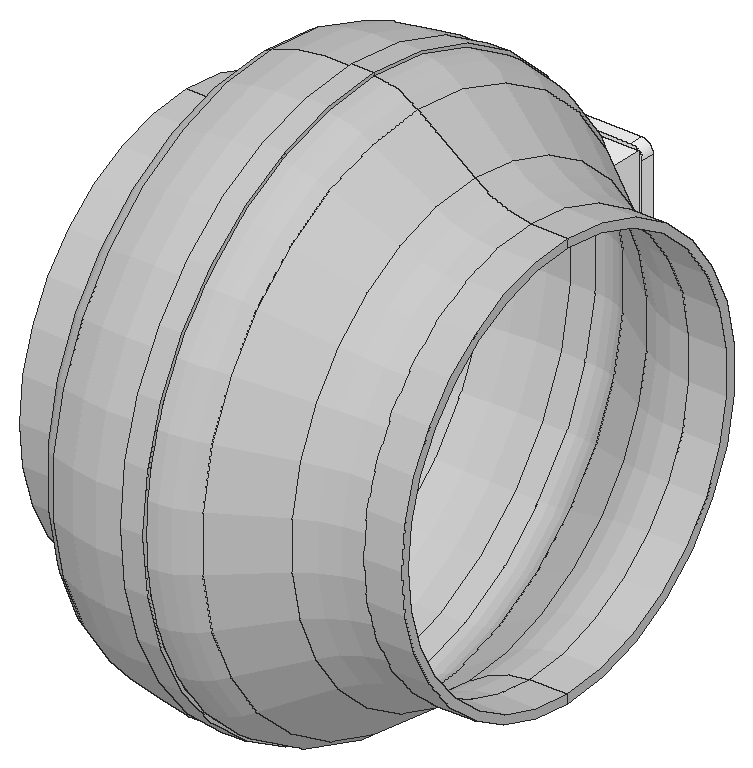
Revit family "CK 250 B ErP AC_7000066", category Mechanical Equipment, Revit 2014
Parameters (values of type "CK 250 B ErP AC")
  Wiring diagram = "4040001"
  Weight = 4.90 kg
  Voltage range = "220-240 / 50/60 V/Hz"
  Voltage = 230 V
  Speed = "2750 rpm"
  Sound pressure level at 3 m = "45 dB(A)"
  Power = 145 W
  Phase = 1
  Max. temperature of transported air when speed controlled = 60 °C
  Max. temperature of transported air = 60 °C
  Main Material = Steel, Galvanized
  Frequency = 50 Hz
  Elevation [instance] = 2772.5 mm
  Diameter = 249 mm
  Current = 0.63 A
  Capacitor = "5 μF"
Reference planes
  plane 1 "Center (Front/Back)": y = 0
  plane 2: z = 0
  plane 3 "Center (Left/Right)": x = 0
  plane 4: z = 2772.5
Dimensions and locks
  "Elevation": plane 4 to plane 2
  aligned and locked: level to plane 2
  aligned and locked: plane 1 "Center (Front/Back)" to nested 1
  aligned and locked: plane 3 "Center (Left/Right)" to nested 1
  aligned and locked: plane 1 "Center (Front/Back)" to nested 2
  aligned and locked: plane 3 "Center (Left/Right)" to nested 2
  aligned and locked: nested 1 to plane 4
Nested families
  nested 1: "CK 250 A AC_CK 250 B ErP AC_CK 250 A EC_CK 250 B EC_geometry" at (0, 0, 2600), type "CK 250 A AC_CK 250 B ErP AC_CK 250 A EC_CK 250 B EC_geometry"
  nested 2: "Flow direction symbol" at (0, 0, 0), type "Flow direction symbol"
Connectors
  hvac at (-114, 0, 2772.5), driven by "Diameter"
    settings: on nested 1, index 1, duct flow 0.0 L/s, flow factor 0, pres drop 0.0 Pa, loss coef 0, conn angle 0.00°, conn width 304.8 mm, conn height 304.8 mm, conn diameter 249 mm, duct sys type 1, conn prof type 0, flow config 0, flow direction 1, loss method 0, conn ref index -1, conn util no, is conn primary yes, conn desc ""
  hvac at (114, 0, 2772.5), driven by "Diameter"
    settings: on nested 1, index 2, duct flow 0.0 L/s, flow factor 0, pres drop 0.0 Pa, loss coef 0, conn angle 0.00°, conn width 304.8 mm, conn height 304.8 mm, conn diameter 249 mm, duct sys type 3, conn prof type 0, flow config 0, flow direction 2, loss method 0, conn ref index -1, conn util no, is conn primary no, conn desc ""
  electrical at (-52.252, 213.31, 2772.509), driven by "Phase", driven by "Voltage"
    settings: on nested 1, index 3, voltage 230 V, apparent load 0 VA, apparent load phase1 0 VA, apparent load phase2 0 VA, apparent load phase3 0 VA, power factor 1, load classification "Other", number of poles 1, system type 31, power factor state 1, is connector primary yes, connector utility no, sub classification motor no, connector description ""
Definition of nested family "CK 250 A AC_CK 250 B ErP AC_CK 250 A EC_CK 250 B EC_geometry"
  Parameters (values of type "CK 250 A AC_CK 250 B ErP AC_CK 250 A EC_CK 250 B EC_geometry")
    Main Material = Steel, Galvanized
  Reference planes
    plane 1 "Center (Front/Back)": y = 0
    plane 2: z = 0
    plane 3 "Center (Left/Right)": x = 0
    plane 4: z = 172.5
    plane 5: y = 213.31
    plane 6: y = 172.5
    plane 7: y = -172.5
    plane 8: x = -114
    plane 9: x = 114
    plane 10: z = 345
  Forms (mm)
    Revolve 1, solid, material "Steel, Galvanized" <- "Main Material", detail levels coarse
      sketch origin (0, 0, 0) x (1, 0, 0) y (0, 0, 1)
        loop
          arc (-55.46, 5.963) -> (-35.501, 2.961) -> (-15.481, 0.401) r 915.775
          arc (-15.481, 0.401) -> (-8.934, 0.051) -> (-2.396, 0.525) r 52.168
          arc (-2.396, 0.525) -> (11.553, 3.79) -> (24.64, 9.619) r 75.85
          line (24.64, 9.619) -> (60.578, 36.7)
          arc (60.578, 36.7) -> (75.243, 44.665) -> (91.594, 48) r 56.51
          line (91.594, 48) -> (114, 48) -> (114, 172.5) -> (-114, 172.5) -> (-114, 48) -> (-86.131, 48)
          arc (-86.131, 48) -> (-82.694, 46.969) -> (-80.391, 44.218) r 6.246
          line (-80.391, 44.218) -> (-77.833, 32.183)
          arc (-77.833, 32.183) -> (-71.463, 14.964) -> (-55.46, 5.963) r 26.623
        axis (-114, 172.5) -> (114, 172.5)
      angle from 0 to 360
    Extrusion 2, solid, material "Plastic", detail levels medium+fine
      sketch origin (-8.75, 53.648, 50) x (1, 0, 0) y (0, 0, 1)
        loop
          line (-4.004, 163.259) -> (-83, 163.259)
          arc (-83, 163.259) -> (-87.95, 161.209) -> (-90, 156.259) r 7
          line (-90, 156.259) -> (-90, 90.259)
          arc (-90, 90.259) -> (-87.071, 83.188) -> (-80, 80.259) r 10
          line (-80, 80.259) -> (-7.004, 80.259)
          arc (-7.004, 80.259) -> (0.067, 83.188) -> (2.996, 90.259) r 10
          line (2.996, 90.259) -> (2.996, 156.259)
          arc (2.996, 156.259) -> (0.945, 161.209) -> (-4.004, 163.259) r 7
      from -159.662 to -151.628
    Extrusion 3, solid, material "Plastic", detail levels medium+fine
      sketch origin (-8.75, 53.648, 50) x (0, 1, 0) y (0, 0, 1)
        loop
          line (118.852, 161.259) -> (118.852, 81.741) -> (151.628, 81.741) -> (151.628, 161.259) -> (118.852, 161.259)
      from -88 to 1
    Revolve 4, solid, material "Steel, Galvanized" <- "Main Material", detail levels medium+fine
      sketch origin (0, 0, 0) x (1, 0, 0) y (0, 0, 1)
        loop
          line (114, 172.5) -> (-114, 172.5) -> (-114, 48) -> (-85.665, 48)
          arc (-85.665, 48) -> (-81.849, 46.666) -> (-79.695, 43.244) r 6.125
          line (-79.695, 43.244) -> (-77.706, 29.09)
          arc (-77.706, 29.09) -> (-72.684, 16.727) -> (-62.412, 8.208) r 27.371
          arc (-62.412, 8.208) -> (-39.338, 2.131) -> (-15.481, 1.686) r 100.136
          line (-15.481, 1.686) -> (-15.481, 0) -> (-2.012, 0) -> (-2.012, 1.772)
          arc (-2.012, 1.772) -> (12.005, 3.688) -> (24.23, 10.808) r 36.366
          line (24.23, 10.808) -> (58.03, 35.365)
          arc (58.03, 35.365) -> (74.007, 43.963) -> (91.695, 48) r 67.581
          line (91.695, 48) -> (114, 48) -> (114, 172.5)
        axis (114, 172.5) -> (-114, 172.5)
      angle from 0 to 360
    Revolve 5, void
      sketch origin (0, 0, 0) x (1, 0, 0) y (0, 0, 1)
        loop
          line (114, 172.5) -> (-114, 172.5) -> (-114, 53) -> (-85.665, 53)
          arc (-85.665, 53) -> (-78.638, 50.499) -> (-74.77, 44.121) r 11.125
          line (-74.77, 44.121) -> (-72.755, 29.786)
          arc (-72.755, 29.786) -> (-68.699, 19.749) -> (-60.405, 12.791) r 22.371
          arc (-60.405, 12.791) -> (-38.561, 7.071) -> (-15.984, 6.66) r 95.136
          line (-15.984, 6.66) -> (-1.713, 6.763)
          arc (-1.713, 6.763) -> (10.485, 8.453) -> (21.092, 14.709) r 31.366
          line (21.092, 14.709) -> (55.091, 39.41)
          arc (55.091, 39.41) -> (72.357, 48.684) -> (91.475, 53) r 72.581
          line (91.475, 53) -> (114, 53) -> (114, 172.5)
        axis (114, 172.5) -> (-114, 172.5)
      angle from 0 to 360
  Cuts and joins
    Revolve 5 cuts Revolve 4
  Dimensions and locks
    plane 6 to plane 7 = 345 mm
    aligned and locked: level to plane 2
Definition of nested family "Flow direction symbol"
  Parameters (values of type "Flow direction symbol")
    Warning = "!"
    Text = "DIMENSIONS OVERCONSTRAINT"
  Reference planes
    plane 1: y = 0
    plane 2: x = 0
  Lines and regions (mm)
    detail lines
      curve 1: line (-0.506, 0.877, 0) -> (-0.506, -0.877, 0)
      curve 2: line (1.012, 0, 0) -> (-0.506, -0.877, 0)
      curve 3: line (-0.506, 0.877, 0) -> (1.012, 0, 0)
      curve 4: circle (0, 0, 0) r 1 normal (0, 0, 1)
